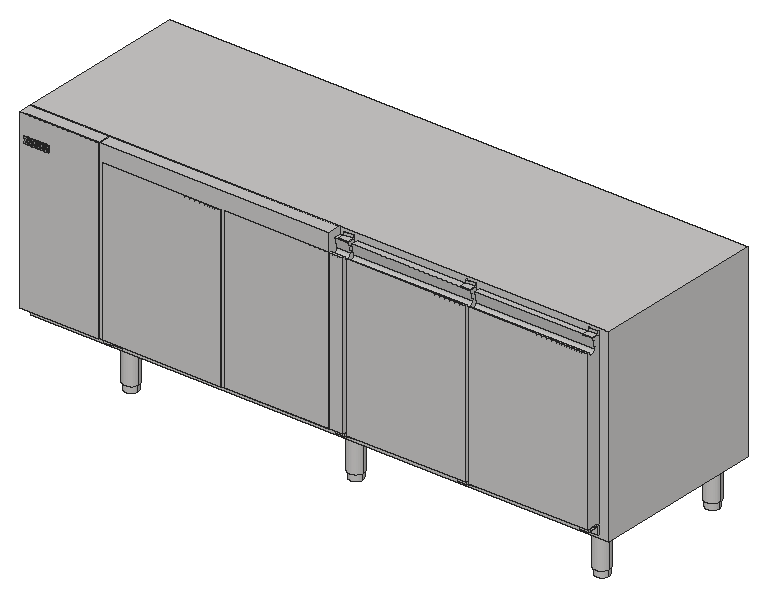
Revit family "QF_ZANUSSI_111114_ZK4H7AAAA", category Attrezzature speciali, Revit 2018
Family settings
  Quota connettore circolare = Usa diametro
  Tipo di parte = Normale
  Basato su piano di lavoro = No
  Sempre verticale = Sì
  Taglio con vuoti quando caricato = No
  Condiviso = No
  Punto di calcolo locali = No
Parameters (values of type "Standard")
  Weight = 130.00 kg
  Watts = 270 W
  Volts = 220 V
  URL Manufacturer = "http://www.zanussiprofessional.com"
  URL = "http://www.zanussiprofessional.com"
  Steam Supply Size = 0 mm
  Steam Supply Minimum Pressure = 0.0 Pa
  Steam Supply Maximum Pressure = 0.0 Pa
  Steam Consumption per Hour = 0
  Refrigeration Suction Line Size = 0 mm
  Refrigeration Liquid Line Size = 0 mm
  Refrigerant Compressor Remote = yes
  Produttore = "Zanussi"
  Phase = 1
  Modello = "ZK4H7AAAA"
  Length Actual = 2149 mm  # constant formula
  Item Number = "111114"
  Hot Water Size = 0 mm
  Height Actual = 850 mm  # constant formula
  HP = "0.4 HP"
  Gas Size = 0 mm
  Gas KW = 0
  Gas Input Pressure = 0 W
  Direct Waste Size = 0 mm
  Descrizione = "4-DOOR REFRIGERATED COUNTER, -2+10°C, AISI 304 (R290), WITHOUT WORK TOP"
  Depth Actual = 700 mm  # constant formula
  Cycle = 50 Hz
  Condensate Return Size = 0 mm
  Compressed Air Volume = 0.0 L/s
  Compressed Air Size = 0 mm
  Compressed Air Pressure = 0.0 Pa
  Cold Water Size = 0 mm
  Accessory = yes
Values of the unnamed type that differ from the named types
  Weight = 0.00 kg
  Watts = 0 W
  Volts = 0 V
  URL Manufacturer = ""
  Item Number = ""
  HP = ""
  Cycle = 0 Hz
Reference planes
  plane 1: z = 0
  plane 2 "Center (Left/Right)": x = -126.5
  plane 3 "Center (Front/Back)": y = 64.5
  plane 4 "FEET": z = 150
  plane 5 "TOP": z = 900
  plane 6 "PLAIN": z = 850
  plane 7 "EI_back": y = 103
  plane 8 "EI_left": x = -1140
  plane 9 "BACK": y = 412
  plane 10 "FRONT": y = -283
  plane 11 "DOOR": y = -233
  plane 12 "LEFT": x = -1201
  plane 13 "RIGHT": x = 948
  plane 14: x = -1176
  plane 15: x = 923
Forms (mm)
  Extrusion 1, solid, material "QF_Finishes_Stainless Steel"
    sketch origin (-1022.223, -1524, 150) x (-1, 0, 0) y (0, -1, 0)
      loop
        circle (117.777, -1627) r 5
    from 0 to -40
  Extrusion 2, solid, material "QF_Finishes_Stainless Steel"
    sketch origin (-1022.223, -1524, 150) x (-1, 0, 0) y (0, -1, 0)
      loop
        line (-970.223, -1291) -> (153.777, -1291) -> (153.777, -1241) -> (-970.223, -1241) -> (-970.223, -1291)
    from 48 to 700
  Extrusion 3, solid, material "QF_Finishes_Stainless Steel"
    sketch origin (-1022.223, -1524, 150) x (-1, 0, 0) y (0, -1, 0)
      loop
        line (178.777, -1936) -> (178.777, -1291) -> (-1970.223, -1291) -> (-1970.223, -1936) -> (178.777, -1936)
    from 0 to 700
Lines and regions (mm)
  symbolic lines, style "SpecialityEquipmentHiddenLines"
    curve 1: line (-1201, 412, 150) -> (948, 412, 150)
    curve 2: line (-1201, -283, 150) -> (-1201, 412, 150)
    curve 3: line (948, -283, 150) -> (-1201, -283, 150)
    curve 4: line (948, 412, 150) -> (948, -283, 150)
    curve 5: line (-1201, -233, 150) -> (948, -233, 150)
    curve 6: line (923, -283, 150) -> (923, -233, 150)
Dimensions and locks
  plane 4 "FEET" to level = 150 mm
  plane 11 "DOOR" to plane 10 "FRONT" = 50 mm
  plane 6 "PLAIN" to plane 4 "FEET" = 700 mm
  plane 5 "TOP" to plane 6 "PLAIN" = 50 mm
  plane 12 "LEFT" to plane 14 = 25 mm
  plane 15 to plane 13 "RIGHT" = 25 mm
  plane 9 "BACK" to plane 7 "EI_back" = 309 mm
  plane 12 "LEFT" to plane 8 "EI_left" = 61 mm
  plane 12 "LEFT" to plane 13 "RIGHT" = 2149 mm
  equal spacing: plane 12 "LEFT", plane 2 "Center (Left/Right)", plane 13 "RIGHT"
  plane 9 "BACK" to plane 10 "FRONT" = 695 mm
  equal spacing: plane 9 "BACK", plane 3 "Center (Front/Back)", plane 10 "FRONT"
  aligned and locked: level to plane 1
  aligned and locked: plane 14 to Extrusion 2
Automatic sketch dimensions
  Extrusion 1 sketch curve to plane 7 "EI_back" = 0 mm
  Extrusion 1 sketch curve to plane 8 "EI_left" = 0 mm
  Extrusion 2 sketch curve to plane 11 "DOOR" = 0 mm
  Extrusion 2 sketch curve to plane 13 "RIGHT" = 2124 mm
  Extrusion 2 sketch curve to plane 10 "FRONT" = 0 mm
  Extrusion 2 sketch curve to plane 15 = 975 mm
  Extrusion 3 sketch curve to plane 9 "BACK" = 0 mm
  Extrusion 3 sketch curve to plane 13 "RIGHT" = 0 mm
  Extrusion 3 sketch curve to plane 11 "DOOR" = 0 mm
  Extrusion 3 sketch curve to plane 12 "LEFT" = 0 mm
  curve 1 to plane 13 "RIGHT" = 0 mm
  curve 6 to plane 10 "FRONT" = 0 mm
  curve 6 to plane 15 = 0 mm
  curve 5 to plane 12 "LEFT" = 0 mm
  curve 6 to plane 11 "DOOR" = 0 mm
  curve 1 to plane 9 "BACK" = 0 mm
  radius of Extrusion 1 sketch curve = 5 mm
Nested families
  nested 1: "HPC_Refrigerator" at (948, -283, 0), type "HPC_Refrigerator"
  nested 2: "HPC_FEET" at (-867, 331, 0), type "HPC_FEET"
  nested 3: "HPC_FEET" at (882, 331, 0), type "HPC_FEET"
  nested 4: "HPC_FEET" at (-867, -183, 0), type "HPC_FEET"
  nested 5: "HPC_FEET" at (882, -183, 0), type "HPC_FEET"
  nested 6: "HPC_FEET" at (-32, -183, 0), type "HPC_FEET"
  nested 7: "HPC_ZAN_BI_TN_L" at (-994.08, -233, 598) x (1, 0, 0) z (0, -1, 0), type "HPC_ZAN_BI_TN_L"
    with Show Logo yes
  nested 8: "HPC_ZAN_SD_L" at (-673, -233, 512) x (1, 0, 0) z (0, -1, 0), type "HPC_ZAN_SD_L"
    with Show Clearance yes
  nested 9: "HPC_ZAN_SD_R" at (-219, -233, 512) x (1, 0, 0) z (0, -1, 0), type "HPC_ZAN_SD_R"
    with Show Clearance yes
  nested 10: "HPC_ZAN_SD_R" at (235, -233, 512) x (1, 0, 0) z (0, -1, 0), type "HPC_ZAN_SD_R"
    with Show Clearance yes
  nested 11: "HPC_ZAN_SD_R" at (689, -233, 512) x (1, 0, 0) z (0, -1, 0), type "HPC_ZAN_SD_R"
    with Show Clearance yes
Connectors
  electrical at (-1140, 103, 110), driven by "Volts"
    settings: on Extrusion 1, index 1, voltage 220 V, apparent load 0 VA, apparent load phase1 0 VA, apparent load phase2 0 VA, apparent load phase3 0 VA, power factor 1, load classification "Other", number of poles 1, system type 31, power factor state 1, is connector primary yes, connector utility no, sub classification motor no, connector description "Electrical Connection"
Definition of nested family "HPC_FEET"
  Parameters
    FEET = 150 mm
  Reference planes
    plane 1 "Center (Front/Back)": y = 0
    plane 2: z = 0
    plane 3 "Center (Left/Right)": x = 0
    plane 4: z = 150
  Forms (mm)
    Revolve 1, solid
      sketch origin (255.05, 0, 608.09) x (0, 0, 1) y (-1, 0, 0)
        loop
          line (-608.09, 255.05) -> (-608.09, 230.05) -> (-583.09, 230.05) -> (-583.09, 226.05) -> (-458.09, 226.05) -> (-458.09, 255.05) -> (-608.09, 255.05)
        axis (-608.09, 255.05) -> (-458.09, 255.05)
      angle from 0 to 360
  Dimensions and locks
    locked: Revolve 1 sketch curve to Revolve 1 sketch curve at 125
    "FEET": plane 4 to plane 2
    aligned and locked: level to plane 2
    aligned and locked: plane 4 to Revolve 1 sketch curve
    aligned and locked: Revolve 1 sketch curve to level
    aligned and locked: plane 3 "Center (Left/Right)" to Revolve 1 sketch curve
  Automatic sketch dimensions
    Revolve 1 sketch curve to plane 3 "Center (Left/Right)" = 0 mm
    Revolve 1 sketch curve to Revolve 1 sketch curve = 25 mm
    Revolve 1 sketch curve to Revolve 1 sketch curve = 29 mm
    plane 4 to Revolve 1 sketch curve = 50 mm
    Revolve 1 sketch curve to Revolve 1 sketch curve = 20 mm
Definition of nested family "HPC_ZAN_BI_TN_L"
  Parameters
    Show Logo [instance] = yes
    Default Elevation = 1219.2 mm
  Reference planes
    plane 1 "Center (Front/Back)": y = -74
    plane 2: z = 0
    plane 3 "Center (Left/Right)": x = -59.92
    plane 4: x = -206.92
    plane 5: x = 87.08
    plane 6: y = 252
    plane 7: y = -400
  Forms (mm)
    Extrusion 1, solid
      sketch origin (0, 0, 0) x (1, 0, 0) y (0, 1, 0)
        loop
          line (-1219.2, 1219.2) -> (-1219.2, -1219.2) -> (1219.2, -1219.2) -> (1219.2, 1219.2) -> (-1219.2, 1219.2)
      from 0 to -304.8
    Extrusion 2, solid
      sketch origin (0, 0, 0) x (1, 0, 0) y (0, 1, 0)
        loop
          line (-206.92, 252) -> (-206.92, -400) -> (87.08, -400) -> (87.08, 252) -> (-206.92, 252)
      from 0 to 50
    Extrusion 3, solid, not visible
      sketch origin (0, 0, 0) x (1, 0, 0) y (0, 1, 0)
        loop
          line (-206.92, 252) -> (-206.92, -400) -> (87.08, -400) -> (87.08, 252) -> (-206.92, 252)
      from 0 to 50
    Extrusion 4, solid
      sketch origin (0, 0, 0) x (1, 0, 0) y (0, 1, 0)
        loop
          line (-176.98, 153.377) -> (-176.98, 158.29) -> (-184.348, 158.29) -> (-176.98, 173.31) -> (-176.98, 177.381) -> (-189.192, 177.381) -> (-189.192, 172.889) -> (-182.735, 173.029) -> (-189.754, 158.29) -> (-189.754, 153.377) -> (-176.98, 153.377)
        loop
          line (-169.929, 162.361) -> (-167.122, 162.361) -> (-168.525, 173.278) -> (-169.929, 162.361)
        loop
          line (-171.192, 153.377) -> (-170.491, 158.009) -> (-166.42, 158.009) -> (-165.718, 153.377) -> (-160.664, 153.377) -> (-165.156, 177.381) -> (-171.894, 177.381) -> (-176.246, 153.377) -> (-171.192, 153.377)
        loop
          line (-160.042, 177.381) -> (-160.042, 153.377) -> (-155.691, 153.377) -> (-155.691, 169.239) -> (-151.62, 153.377) -> (-146.286, 153.377) -> (-146.286, 177.381) -> (-150.778, 177.381) -> (-150.778, 162.08) -> (-154.848, 177.381) -> (-160.042, 177.381)
        loop
          arc (-145.163, 159.313) -> (-139.158, 153.338) -> (-132.389, 158.43) r 6.468
          line (-132.389, 158.43) -> (-132.389, 177.381) -> (-137.302, 177.381) -> (-137.302, 159.553)
          arc (-137.302, 159.553) -> (-138.593, 158.064) -> (-140.25, 159.132) r 1.504
          line (-140.25, 159.132) -> (-140.25, 177.381) -> (-145.163, 177.381) -> (-145.163, 159.313)
        loop
          line (-123.264, 169.8) -> (-118.632, 169.8) -> (-118.556, 171.983)
          arc (-118.556, 171.983) -> (-118.879, 174.415) -> (-120.404, 176.338) r 4.609
          arc (-120.404, 176.338) -> (-124.888, 177.8) -> (-129.372, 176.338) r 7.606
          arc (-129.372, 176.338) -> (-131.2, 172.788) -> (-130.974, 168.801) r 7.59
          arc (-130.974, 168.801) -> (-129.472, 166.597) -> (-127.628, 164.67) r 16.193
          line (-127.628, 164.67) -> (-125.559, 162.836)
          arc (-125.559, 162.836) -> (-124.336, 161.798) -> (-123.386, 160.505) r 6.904
          arc (-123.386, 160.505) -> (-123.621, 158.247) -> (-125.834, 157.743) r 1.95
          arc (-125.834, 157.743) -> (-126.501, 158.417) -> (-126.786, 159.321) r 2.021
          arc (-126.786, 159.321) -> (-126.808, 159.958) -> (-126.786, 160.595) r 9.221
          arc (-126.786, 160.595) -> (-126.765, 161.197) -> (-126.786, 161.799) r 8.711
          line (-126.786, 161.799) -> (-131.687, 161.799)
          arc (-131.687, 161.799) -> (-131.64, 158.363) -> (-130.285, 155.205) r 8.837
          arc (-130.285, 155.205) -> (-123.886, 153.382) -> (-118.495, 157.284) r 7.618
          arc (-118.495, 157.284) -> (-118.397, 161.313) -> (-120.126, 164.954) r 8.7
          line (-120.126, 164.954) -> (-125.51, 169.8)
          arc (-125.51, 169.8) -> (-126.239, 170.716) -> (-126.629, 171.818) r 3.541
          arc (-126.629, 171.818) -> (-125.243, 173.797) -> (-123.264, 172.411) r 1.708
          line (-123.264, 172.411) -> (-123.264, 169.8)
        loop
          line (-109.264, 169.8) -> (-104.632, 169.8) -> (-104.556, 171.983)
          arc (-104.556, 171.983) -> (-104.879, 174.415) -> (-106.404, 176.338) r 4.609
          arc (-106.404, 176.338) -> (-110.888, 177.8) -> (-115.372, 176.338) r 7.606
          arc (-115.372, 176.338) -> (-117.2, 172.788) -> (-116.974, 168.801) r 7.59
          arc (-116.974, 168.801) -> (-115.472, 166.597) -> (-113.628, 164.67) r 16.193
          line (-113.628, 164.67) -> (-111.559, 162.836)
          arc (-111.559, 162.836) -> (-110.336, 161.798) -> (-109.386, 160.505) r 6.904
          arc (-109.386, 160.505) -> (-109.621, 158.247) -> (-111.834, 157.743) r 1.95
          arc (-111.834, 157.743) -> (-112.501, 158.417) -> (-112.786, 159.321) r 2.021
          arc (-112.786, 159.321) -> (-112.808, 159.958) -> (-112.786, 160.595) r 9.221
          arc (-112.786, 160.595) -> (-112.765, 161.197) -> (-112.786, 161.799) r 8.711
          line (-112.786, 161.799) -> (-117.687, 161.799)
          arc (-117.687, 161.799) -> (-117.64, 158.363) -> (-116.285, 155.205) r 8.837
          arc (-116.285, 155.205) -> (-109.886, 153.382) -> (-104.495, 157.284) r 7.618
          arc (-104.495, 157.284) -> (-104.397, 161.313) -> (-106.126, 164.954) r 8.7
          line (-106.126, 164.954) -> (-111.51, 169.8)
          arc (-111.51, 169.8) -> (-112.239, 170.716) -> (-112.629, 171.818) r 3.541
          arc (-112.629, 171.818) -> (-111.243, 173.797) -> (-109.264, 172.411) r 1.708
          line (-109.264, 172.411) -> (-109.264, 169.8)
        loop
          line (-103.612, 177.381) -> (-103.612, 153.377) -> (-98.699, 153.377) -> (-98.699, 177.381) -> (-103.612, 177.381)
      from 50 to 51.6
  Lines and regions (mm)
    Split face 1
      outline origin (-12.5, 0, 50) x (1, 0, 0) y (0, 1, 0)
        loop
          line (-5.42, 177) -> (-5.42, 154) -> (64.58, 154) -> (64.58, 177) -> (-5.42, 177)
    Split face 2
      outline origin (0, 0, 50) x (1, 0, 0) y (0, 1, 0)
        loop
          line (-206.92, 188) -> (87.08, 188)
    Split face 3
      outline origin (0, 0, 50) x (1, 0, 0) y (0, 1, 0)
        loop
          arc (-163.464, 131.824) -> (-167.464, 127.824) -> (-163.464, 123.824) r 4
          line (-163.464, 123.824) -> (-121.464, 123.824)
          arc (-121.464, 123.824) -> (-117.464, 127.824) -> (-121.464, 131.824) r 4
          line (-121.464, 131.824) -> (-163.464, 131.824)
    Split face 4
      outline origin (330, 0, 50) x (1, 0, 0) y (0, 1, 0)
        loop
          arc (-328.464, 131.824) -> (-332.464, 127.824) -> (-328.464, 123.824) r 4
          line (-328.464, 123.824) -> (-286.464, 123.824)
          arc (-286.464, 123.824) -> (-282.464, 127.824) -> (-286.464, 131.824) r 4
          line (-286.464, 131.824) -> (-328.464, 131.824)
    Split face 5
      outline origin (110, 0, 50) x (1, 0, 0) y (0, 1, 0)
        loop
          arc (-218.464, 131.824) -> (-222.464, 127.824) -> (-218.464, 123.824) r 4
          line (-218.464, 123.824) -> (-176.464, 123.824)
          arc (-176.464, 123.824) -> (-172.464, 127.824) -> (-176.464, 131.824) r 4
          line (-176.464, 131.824) -> (-218.464, 131.824)
    Split face 6
      outline origin (220, 0, 50) x (1, 0, 0) y (0, 1, 0)
        loop
          arc (-273.464, 131.824) -> (-277.464, 127.824) -> (-273.464, 123.824) r 4
          line (-273.464, 123.824) -> (-231.464, 123.824)
          arc (-231.464, 123.824) -> (-227.464, 127.824) -> (-231.464, 131.824) r 4
          line (-231.464, 131.824) -> (-273.464, 131.824)
    Split face 7, not visible
      outline origin (0, 0, 50) x (1, 0, 0) y (0, 1, 0)
        loop
          arc (-163.464, 131.824) -> (-167.464, 127.824) -> (-163.464, 123.824) r 4
          line (-163.464, 123.824) -> (-121.464, 123.824)
          arc (-121.464, 123.824) -> (-117.464, 127.824) -> (-121.464, 131.824) r 4
          line (-121.464, 131.824) -> (-163.464, 131.824)
    Split face 8
      outline origin (0, -24, 50) x (1, 0, 0) y (0, 1, 0)
        loop
          arc (-163.464, 143.824) -> (-167.464, 139.824) -> (-163.464, 135.824) r 4
          line (-163.464, 135.824) -> (-121.464, 135.824)
          arc (-121.464, 135.824) -> (-117.464, 139.824) -> (-121.464, 143.824) r 4
          line (-121.464, 143.824) -> (-163.464, 143.824)
    Split face 9
      outline origin (330, -24, 50) x (1, 0, 0) y (0, 1, 0)
        loop
          arc (-328.464, 143.824) -> (-332.464, 139.824) -> (-328.464, 135.824) r 4
          line (-328.464, 135.824) -> (-286.464, 135.824)
          arc (-286.464, 135.824) -> (-282.464, 139.824) -> (-286.464, 143.824) r 4
          line (-286.464, 143.824) -> (-328.464, 143.824)
    Split face 10
      outline origin (110, -24, 50) x (1, 0, 0) y (0, 1, 0)
        loop
          arc (-218.464, 143.824) -> (-222.464, 139.824) -> (-218.464, 135.824) r 4
          line (-218.464, 135.824) -> (-176.464, 135.824)
          arc (-176.464, 135.824) -> (-172.464, 139.824) -> (-176.464, 143.824) r 4
          line (-176.464, 143.824) -> (-218.464, 143.824)
    Split face 11
      outline origin (220, -24, 50) x (1, 0, 0) y (0, 1, 0)
        loop
          arc (-273.464, 143.824) -> (-277.464, 139.824) -> (-273.464, 135.824) r 4
          line (-273.464, 135.824) -> (-231.464, 135.824)
          arc (-231.464, 135.824) -> (-227.464, 139.824) -> (-231.464, 143.824) r 4
          line (-231.464, 143.824) -> (-273.464, 143.824)
    Split face 12
      outline origin (0, -48, 50) x (1, 0, 0) y (0, 1, 0)
        loop
          arc (-163.464, 155.824) -> (-167.464, 151.824) -> (-163.464, 147.824) r 4
          line (-163.464, 147.824) -> (-121.464, 147.824)
          arc (-121.464, 147.824) -> (-117.464, 151.824) -> (-121.464, 155.824) r 4
          line (-121.464, 155.824) -> (-163.464, 155.824)
    Split face 13
      outline origin (330, -48, 50) x (1, 0, 0) y (0, 1, 0)
        loop
          arc (-328.464, 155.824) -> (-332.464, 151.824) -> (-328.464, 147.824) r 4
          line (-328.464, 147.824) -> (-286.464, 147.824)
          arc (-286.464, 147.824) -> (-282.464, 151.824) -> (-286.464, 155.824) r 4
          line (-286.464, 155.824) -> (-328.464, 155.824)
    Split face 14
      outline origin (110, -48, 50) x (1, 0, 0) y (0, 1, 0)
        loop
          arc (-218.464, 155.824) -> (-222.464, 151.824) -> (-218.464, 147.824) r 4
          line (-218.464, 147.824) -> (-176.464, 147.824)
          arc (-176.464, 147.824) -> (-172.464, 151.824) -> (-176.464, 155.824) r 4
          line (-176.464, 155.824) -> (-218.464, 155.824)
    Split face 15
      outline origin (220, -48, 50) x (1, 0, 0) y (0, 1, 0)
        loop
          arc (-273.464, 155.824) -> (-277.464, 151.824) -> (-273.464, 147.824) r 4
          line (-273.464, 147.824) -> (-231.464, 147.824)
          arc (-231.464, 147.824) -> (-227.464, 151.824) -> (-231.464, 155.824) r 4
          line (-231.464, 155.824) -> (-273.464, 155.824)
    Split face 16
      outline origin (0, -72, 50) x (1, 0, 0) y (0, 1, 0)
        loop
          arc (-163.464, 167.824) -> (-167.464, 163.824) -> (-163.464, 159.824) r 4
          line (-163.464, 159.824) -> (-121.464, 159.824)
          arc (-121.464, 159.824) -> (-117.464, 163.824) -> (-121.464, 167.824) r 4
          line (-121.464, 167.824) -> (-163.464, 167.824)
    Split face 17
      outline origin (330, -72, 50) x (1, 0, 0) y (0, 1, 0)
        loop
          arc (-328.464, 167.824) -> (-332.464, 163.824) -> (-328.464, 159.824) r 4
          line (-328.464, 159.824) -> (-286.464, 159.824)
          arc (-286.464, 159.824) -> (-282.464, 163.824) -> (-286.464, 167.824) r 4
          line (-286.464, 167.824) -> (-328.464, 167.824)
    Split face 18
      outline origin (110, -72, 50) x (1, 0, 0) y (0, 1, 0)
        loop
          arc (-218.464, 167.824) -> (-222.464, 163.824) -> (-218.464, 159.824) r 4
          line (-218.464, 159.824) -> (-176.464, 159.824)
          arc (-176.464, 159.824) -> (-172.464, 163.824) -> (-176.464, 167.824) r 4
          line (-176.464, 167.824) -> (-218.464, 167.824)
    Split face 19
      outline origin (220, -72, 50) x (1, 0, 0) y (0, 1, 0)
        loop
          arc (-273.464, 167.824) -> (-277.464, 163.824) -> (-273.464, 159.824) r 4
          line (-273.464, 159.824) -> (-231.464, 159.824)
          arc (-231.464, 159.824) -> (-227.464, 163.824) -> (-231.464, 167.824) r 4
          line (-231.464, 167.824) -> (-273.464, 167.824)
    Split face 20
      outline origin (0, -96, 50) x (1, 0, 0) y (0, 1, 0)
        loop
          arc (-163.464, 179.824) -> (-167.464, 175.824) -> (-163.464, 171.824) r 4
          line (-163.464, 171.824) -> (-121.464, 171.824)
          arc (-121.464, 171.824) -> (-117.464, 175.824) -> (-121.464, 179.824) r 4
          line (-121.464, 179.824) -> (-163.464, 179.824)
    Split face 21
      outline origin (330, -96, 50) x (1, 0, 0) y (0, 1, 0)
        loop
          arc (-328.464, 179.824) -> (-332.464, 175.824) -> (-328.464, 171.824) r 4
          line (-328.464, 171.824) -> (-286.464, 171.824)
          arc (-286.464, 171.824) -> (-282.464, 175.824) -> (-286.464, 179.824) r 4
          line (-286.464, 179.824) -> (-328.464, 179.824)
    Split face 22
      outline origin (110, -96, 50) x (1, 0, 0) y (0, 1, 0)
        loop
          arc (-218.464, 179.824) -> (-222.464, 175.824) -> (-218.464, 171.824) r 4
          line (-218.464, 171.824) -> (-176.464, 171.824)
          arc (-176.464, 171.824) -> (-172.464, 175.824) -> (-176.464, 179.824) r 4
          line (-176.464, 179.824) -> (-218.464, 179.824)
    Split face 23
      outline origin (220, -96, 50) x (1, 0, 0) y (0, 1, 0)
        loop
          arc (-273.464, 179.824) -> (-277.464, 175.824) -> (-273.464, 171.824) r 4
          line (-273.464, 171.824) -> (-231.464, 171.824)
          arc (-231.464, 171.824) -> (-227.464, 175.824) -> (-231.464, 179.824) r 4
          line (-231.464, 179.824) -> (-273.464, 179.824)
    Split face 24
      outline origin (0, -120, 50) x (1, 0, 0) y (0, 1, 0)
        loop
          arc (-163.464, 191.824) -> (-167.464, 187.824) -> (-163.464, 183.824) r 4
          line (-163.464, 183.824) -> (-121.464, 183.824)
          arc (-121.464, 183.824) -> (-117.464, 187.824) -> (-121.464, 191.824) r 4
          line (-121.464, 191.824) -> (-163.464, 191.824)
    Split face 25
      outline origin (330, -120, 50) x (1, 0, 0) y (0, 1, 0)
        loop
          arc (-328.464, 191.824) -> (-332.464, 187.824) -> (-328.464, 183.824) r 4
          line (-328.464, 183.824) -> (-286.464, 183.824)
          arc (-286.464, 183.824) -> (-282.464, 187.824) -> (-286.464, 191.824) r 4
          line (-286.464, 191.824) -> (-328.464, 191.824)
    Split face 26
      outline origin (110, -120, 50) x (1, 0, 0) y (0, 1, 0)
        loop
          arc (-218.464, 191.824) -> (-222.464, 187.824) -> (-218.464, 183.824) r 4
          line (-218.464, 183.824) -> (-176.464, 183.824)
          arc (-176.464, 183.824) -> (-172.464, 187.824) -> (-176.464, 191.824) r 4
          line (-176.464, 191.824) -> (-218.464, 191.824)
    Split face 27
      outline origin (220, -120, 50) x (1, 0, 0) y (0, 1, 0)
        loop
          arc (-273.464, 191.824) -> (-277.464, 187.824) -> (-273.464, 183.824) r 4
          line (-273.464, 183.824) -> (-231.464, 183.824)
          arc (-231.464, 183.824) -> (-227.464, 187.824) -> (-231.464, 191.824) r 4
          line (-231.464, 191.824) -> (-273.464, 191.824)
    Split face 28
      outline origin (0, -144, 50) x (1, 0, 0) y (0, 1, 0)
        loop
          arc (-163.464, 203.824) -> (-167.464, 199.824) -> (-163.464, 195.824) r 4
          line (-163.464, 195.824) -> (-121.464, 195.824)
          arc (-121.464, 195.824) -> (-117.464, 199.824) -> (-121.464, 203.824) r 4
          line (-121.464, 203.824) -> (-163.464, 203.824)
    Split face 29
      outline origin (330, -144, 50) x (1, 0, 0) y (0, 1, 0)
        loop
          arc (-328.464, 203.824) -> (-332.464, 199.824) -> (-328.464, 195.824) r 4
          line (-328.464, 195.824) -> (-286.464, 195.824)
          arc (-286.464, 195.824) -> (-282.464, 199.824) -> (-286.464, 203.824) r 4
          line (-286.464, 203.824) -> (-328.464, 203.824)
    Split face 30
      outline origin (110, -144, 50) x (1, 0, 0) y (0, 1, 0)
        loop
          arc (-218.464, 203.824) -> (-222.464, 199.824) -> (-218.464, 195.824) r 4
          line (-218.464, 195.824) -> (-176.464, 195.824)
          arc (-176.464, 195.824) -> (-172.464, 199.824) -> (-176.464, 203.824) r 4
          line (-176.464, 203.824) -> (-218.464, 203.824)
    Split face 31
      outline origin (220, -144, 50) x (1, 0, 0) y (0, 1, 0)
        loop
          arc (-273.464, 203.824) -> (-277.464, 199.824) -> (-273.464, 195.824) r 4
          line (-273.464, 195.824) -> (-231.464, 195.824)
          arc (-231.464, 195.824) -> (-227.464, 199.824) -> (-231.464, 203.824) r 4
          line (-231.464, 203.824) -> (-273.464, 203.824)
    Split face 32
      outline origin (0, -168, 50) x (1, 0, 0) y (0, 1, 0)
        loop
          arc (-163.464, 215.824) -> (-167.464, 211.824) -> (-163.464, 207.824) r 4
          line (-163.464, 207.824) -> (-121.464, 207.824)
          arc (-121.464, 207.824) -> (-117.464, 211.824) -> (-121.464, 215.824) r 4
          line (-121.464, 215.824) -> (-163.464, 215.824)
    Split face 33
      outline origin (330, -168, 50) x (1, 0, 0) y (0, 1, 0)
        loop
          arc (-328.464, 215.824) -> (-332.464, 211.824) -> (-328.464, 207.824) r 4
          line (-328.464, 207.824) -> (-286.464, 207.824)
          arc (-286.464, 207.824) -> (-282.464, 211.824) -> (-286.464, 215.824) r 4
          line (-286.464, 215.824) -> (-328.464, 215.824)
    Split face 34
      outline origin (110, -168, 50) x (1, 0, 0) y (0, 1, 0)
        loop
          arc (-218.464, 215.824) -> (-222.464, 211.824) -> (-218.464, 207.824) r 4
          line (-218.464, 207.824) -> (-176.464, 207.824)
          arc (-176.464, 207.824) -> (-172.464, 211.824) -> (-176.464, 215.824) r 4
          line (-176.464, 215.824) -> (-218.464, 215.824)
    Split face 35
      outline origin (220, -168, 50) x (1, 0, 0) y (0, 1, 0)
        loop
          arc (-273.464, 215.824) -> (-277.464, 211.824) -> (-273.464, 207.824) r 4
          line (-273.464, 207.824) -> (-231.464, 207.824)
          arc (-231.464, 207.824) -> (-227.464, 211.824) -> (-231.464, 215.824) r 4
          line (-231.464, 215.824) -> (-273.464, 215.824)
    Split face 36
      outline origin (0, -192, 50) x (1, 0, 0) y (0, 1, 0)
        loop
          arc (-163.464, 227.824) -> (-167.464, 223.824) -> (-163.464, 219.824) r 4
          line (-163.464, 219.824) -> (-121.464, 219.824)
          arc (-121.464, 219.824) -> (-117.464, 223.824) -> (-121.464, 227.824) r 4
          line (-121.464, 227.824) -> (-163.464, 227.824)
    Split face 37
      outline origin (330, -192, 50) x (1, 0, 0) y (0, 1, 0)
        loop
          arc (-328.464, 227.824) -> (-332.464, 223.824) -> (-328.464, 219.824) r 4
          line (-328.464, 219.824) -> (-286.464, 219.824)
          arc (-286.464, 219.824) -> (-282.464, 223.824) -> (-286.464, 227.824) r 4
          line (-286.464, 227.824) -> (-328.464, 227.824)
    Split face 38
      outline origin (110, -192, 50) x (1, 0, 0) y (0, 1, 0)
        loop
          arc (-218.464, 227.824) -> (-222.464, 223.824) -> (-218.464, 219.824) r 4
          line (-218.464, 219.824) -> (-176.464, 219.824)
          arc (-176.464, 219.824) -> (-172.464, 223.824) -> (-176.464, 227.824) r 4
          line (-176.464, 227.824) -> (-218.464, 227.824)
    Split face 39
      outline origin (220, -192, 50) x (1, 0, 0) y (0, 1, 0)
        loop
          arc (-273.464, 227.824) -> (-277.464, 223.824) -> (-273.464, 219.824) r 4
          line (-273.464, 219.824) -> (-231.464, 219.824)
          arc (-231.464, 219.824) -> (-227.464, 223.824) -> (-231.464, 227.824) r 4
          line (-231.464, 227.824) -> (-273.464, 227.824)
    Split face 40
      outline origin (0, -216, 50) x (1, 0, 0) y (0, 1, 0)
        loop
          arc (-163.464, 239.824) -> (-167.464, 235.824) -> (-163.464, 231.824) r 4
          line (-163.464, 231.824) -> (-121.464, 231.824)
          arc (-121.464, 231.824) -> (-117.464, 235.824) -> (-121.464, 239.824) r 4
          line (-121.464, 239.824) -> (-163.464, 239.824)
    Split face 41
      outline origin (330, -216, 50) x (1, 0, 0) y (0, 1, 0)
        loop
          arc (-328.464, 239.824) -> (-332.464, 235.824) -> (-328.464, 231.824) r 4
          line (-328.464, 231.824) -> (-286.464, 231.824)
          arc (-286.464, 231.824) -> (-282.464, 235.824) -> (-286.464, 239.824) r 4
          line (-286.464, 239.824) -> (-328.464, 239.824)
    Split face 42
      outline origin (110, -216, 50) x (1, 0, 0) y (0, 1, 0)
        loop
          arc (-218.464, 239.824) -> (-222.464, 235.824) -> (-218.464, 231.824) r 4
          line (-218.464, 231.824) -> (-176.464, 231.824)
          arc (-176.464, 231.824) -> (-172.464, 235.824) -> (-176.464, 239.824) r 4
          line (-176.464, 239.824) -> (-218.464, 239.824)
    Split face 43
      outline origin (220, -216, 50) x (1, 0, 0) y (0, 1, 0)
        loop
          arc (-273.464, 239.824) -> (-277.464, 235.824) -> (-273.464, 231.824) r 4
          line (-273.464, 231.824) -> (-231.464, 231.824)
          arc (-231.464, 231.824) -> (-227.464, 235.824) -> (-231.464, 239.824) r 4
          line (-231.464, 239.824) -> (-273.464, 239.824)
    Split face 44
      outline origin (0, -240, 50) x (1, 0, 0) y (0, 1, 0)
        loop
          arc (-163.464, 251.824) -> (-167.464, 247.824) -> (-163.464, 243.824) r 4
          line (-163.464, 243.824) -> (-121.464, 243.824)
          arc (-121.464, 243.824) -> (-117.464, 247.824) -> (-121.464, 251.824) r 4
          line (-121.464, 251.824) -> (-163.464, 251.824)
    Split face 45
      outline origin (330, -240, 50) x (1, 0, 0) y (0, 1, 0)
        loop
          arc (-328.464, 251.824) -> (-332.464, 247.824) -> (-328.464, 243.824) r 4
          line (-328.464, 243.824) -> (-286.464, 243.824)
          arc (-286.464, 243.824) -> (-282.464, 247.824) -> (-286.464, 251.824) r 4
          line (-286.464, 251.824) -> (-328.464, 251.824)
    Split face 46
      outline origin (110, -240, 50) x (1, 0, 0) y (0, 1, 0)
        loop
          arc (-218.464, 251.824) -> (-222.464, 247.824) -> (-218.464, 243.824) r 4
          line (-218.464, 243.824) -> (-176.464, 243.824)
          arc (-176.464, 243.824) -> (-172.464, 247.824) -> (-176.464, 251.824) r 4
          line (-176.464, 251.824) -> (-218.464, 251.824)
    Split face 47
      outline origin (220, -240, 50) x (1, 0, 0) y (0, 1, 0)
        loop
          arc (-273.464, 251.824) -> (-277.464, 247.824) -> (-273.464, 243.824) r 4
          line (-273.464, 243.824) -> (-231.464, 243.824)
          arc (-231.464, 243.824) -> (-227.464, 247.824) -> (-231.464, 251.824) r 4
          line (-231.464, 251.824) -> (-273.464, 251.824)
    Split face 48
      outline origin (0, -264, 50) x (1, 0, 0) y (0, 1, 0)
        loop
          arc (-163.464, 263.824) -> (-167.464, 259.824) -> (-163.464, 255.824) r 4
          line (-163.464, 255.824) -> (-121.464, 255.824)
          arc (-121.464, 255.824) -> (-117.464, 259.824) -> (-121.464, 263.824) r 4
          line (-121.464, 263.824) -> (-163.464, 263.824)
    Split face 49
      outline origin (330, -264, 50) x (1, 0, 0) y (0, 1, 0)
        loop
          arc (-328.464, 263.824) -> (-332.464, 259.824) -> (-328.464, 255.824) r 4
          line (-328.464, 255.824) -> (-286.464, 255.824)
          arc (-286.464, 255.824) -> (-282.464, 259.824) -> (-286.464, 263.824) r 4
          line (-286.464, 263.824) -> (-328.464, 263.824)
    Split face 50
      outline origin (110, -264, 50) x (1, 0, 0) y (0, 1, 0)
        loop
          arc (-218.464, 263.824) -> (-222.464, 259.824) -> (-218.464, 255.824) r 4
          line (-218.464, 255.824) -> (-176.464, 255.824)
          arc (-176.464, 255.824) -> (-172.464, 259.824) -> (-176.464, 263.824) r 4
          line (-176.464, 263.824) -> (-218.464, 263.824)
    Split face 51
      outline origin (220, -264, 50) x (1, 0, 0) y (0, 1, 0)
        loop
          arc (-273.464, 263.824) -> (-277.464, 259.824) -> (-273.464, 255.824) r 4
          line (-273.464, 255.824) -> (-231.464, 255.824)
          arc (-231.464, 255.824) -> (-227.464, 259.824) -> (-231.464, 263.824) r 4
          line (-231.464, 263.824) -> (-273.464, 263.824)
    Split face 52
      outline origin (0, -288, 50) x (1, 0, 0) y (0, 1, 0)
        loop
          arc (-163.464, 275.824) -> (-167.464, 271.824) -> (-163.464, 267.824) r 4
          line (-163.464, 267.824) -> (-121.464, 267.824)
          arc (-121.464, 267.824) -> (-117.464, 271.824) -> (-121.464, 275.824) r 4
          line (-121.464, 275.824) -> (-163.464, 275.824)
    Split face 53
      outline origin (330, -288, 50) x (1, 0, 0) y (0, 1, 0)
        loop
          arc (-328.464, 275.824) -> (-332.464, 271.824) -> (-328.464, 267.824) r 4
          line (-328.464, 267.824) -> (-286.464, 267.824)
          arc (-286.464, 267.824) -> (-282.464, 271.824) -> (-286.464, 275.824) r 4
          line (-286.464, 275.824) -> (-328.464, 275.824)
    Split face 54
      outline origin (110, -288, 50) x (1, 0, 0) y (0, 1, 0)
        loop
          arc (-218.464, 275.824) -> (-222.464, 271.824) -> (-218.464, 267.824) r 4
          line (-218.464, 267.824) -> (-176.464, 267.824)
          arc (-176.464, 267.824) -> (-172.464, 271.824) -> (-176.464, 275.824) r 4
          line (-176.464, 275.824) -> (-218.464, 275.824)
    Split face 55
      outline origin (220, -288, 50) x (1, 0, 0) y (0, 1, 0)
        loop
          arc (-273.464, 275.824) -> (-277.464, 271.824) -> (-273.464, 267.824) r 4
          line (-273.464, 267.824) -> (-231.464, 267.824)
          arc (-231.464, 267.824) -> (-227.464, 271.824) -> (-231.464, 275.824) r 4
          line (-231.464, 275.824) -> (-273.464, 275.824)
    Split face 56
      outline origin (0, -312, 50) x (1, 0, 0) y (0, 1, 0)
        loop
          arc (-163.464, 287.824) -> (-167.464, 283.824) -> (-163.464, 279.824) r 4
          line (-163.464, 279.824) -> (-121.464, 279.824)
          arc (-121.464, 279.824) -> (-117.464, 283.824) -> (-121.464, 287.824) r 4
          line (-121.464, 287.824) -> (-163.464, 287.824)
    Split face 57
      outline origin (330, -312, 50) x (1, 0, 0) y (0, 1, 0)
        loop
          arc (-328.464, 287.824) -> (-332.464, 283.824) -> (-328.464, 279.824) r 4
          line (-328.464, 279.824) -> (-286.464, 279.824)
          arc (-286.464, 279.824) -> (-282.464, 283.824) -> (-286.464, 287.824) r 4
          line (-286.464, 287.824) -> (-328.464, 287.824)
    Split face 58
      outline origin (110, -312, 50) x (1, 0, 0) y (0, 1, 0)
        loop
          arc (-218.464, 287.824) -> (-222.464, 283.824) -> (-218.464, 279.824) r 4
          line (-218.464, 279.824) -> (-176.464, 279.824)
          arc (-176.464, 279.824) -> (-172.464, 283.824) -> (-176.464, 287.824) r 4
          line (-176.464, 287.824) -> (-218.464, 287.824)
    Split face 59
      outline origin (220, -312, 50) x (1, 0, 0) y (0, 1, 0)
        loop
          arc (-273.464, 287.824) -> (-277.464, 283.824) -> (-273.464, 279.824) r 4
          line (-273.464, 279.824) -> (-231.464, 279.824)
          arc (-231.464, 279.824) -> (-227.464, 283.824) -> (-231.464, 287.824) r 4
          line (-231.464, 287.824) -> (-273.464, 287.824)
    Split face 60
      outline origin (0, -336, 50) x (1, 0, 0) y (0, 1, 0)
        loop
          arc (-163.464, 299.824) -> (-167.464, 295.824) -> (-163.464, 291.824) r 4
          line (-163.464, 291.824) -> (-121.464, 291.824)
          arc (-121.464, 291.824) -> (-117.464, 295.824) -> (-121.464, 299.824) r 4
          line (-121.464, 299.824) -> (-163.464, 299.824)
    Split face 61
      outline origin (330, -336, 50) x (1, 0, 0) y (0, 1, 0)
        loop
          arc (-328.464, 299.824) -> (-332.464, 295.824) -> (-328.464, 291.824) r 4
          line (-328.464, 291.824) -> (-286.464, 291.824)
          arc (-286.464, 291.824) -> (-282.464, 295.824) -> (-286.464, 299.824) r 4
          line (-286.464, 299.824) -> (-328.464, 299.824)
    Split face 62
      outline origin (110, -336, 50) x (1, 0, 0) y (0, 1, 0)
        loop
          arc (-218.464, 299.824) -> (-222.464, 295.824) -> (-218.464, 291.824) r 4
          line (-218.464, 291.824) -> (-176.464, 291.824)
          arc (-176.464, 291.824) -> (-172.464, 295.824) -> (-176.464, 299.824) r 4
          line (-176.464, 299.824) -> (-218.464, 299.824)
    Split face 63
      outline origin (220, -336, 50) x (1, 0, 0) y (0, 1, 0)
        loop
          arc (-273.464, 299.824) -> (-277.464, 295.824) -> (-273.464, 291.824) r 4
          line (-273.464, 291.824) -> (-231.464, 291.824)
          arc (-231.464, 291.824) -> (-227.464, 295.824) -> (-231.464, 299.824) r 4
          line (-231.464, 299.824) -> (-273.464, 299.824)
    Split face 64
      outline origin (0, -360, 50) x (1, 0, 0) y (0, 1, 0)
        loop
          arc (-163.464, 311.824) -> (-167.464, 307.824) -> (-163.464, 303.824) r 4
          line (-163.464, 303.824) -> (-121.464, 303.824)
          arc (-121.464, 303.824) -> (-117.464, 307.824) -> (-121.464, 311.824) r 4
          line (-121.464, 311.824) -> (-163.464, 311.824)
    Split face 65
      outline origin (330, -360, 50) x (1, 0, 0) y (0, 1, 0)
        loop
          arc (-328.464, 311.824) -> (-332.464, 307.824) -> (-328.464, 303.824) r 4
          line (-328.464, 303.824) -> (-286.464, 303.824)
          arc (-286.464, 303.824) -> (-282.464, 307.824) -> (-286.464, 311.824) r 4
          line (-286.464, 311.824) -> (-328.464, 311.824)
    Split face 66
      outline origin (110, -360, 50) x (1, 0, 0) y (0, 1, 0)
        loop
          arc (-218.464, 311.824) -> (-222.464, 307.824) -> (-218.464, 303.824) r 4
          line (-218.464, 303.824) -> (-176.464, 303.824)
          arc (-176.464, 303.824) -> (-172.464, 307.824) -> (-176.464, 311.824) r 4
          line (-176.464, 311.824) -> (-218.464, 311.824)
    Split face 67
      outline origin (220, -360, 50) x (1, 0, 0) y (0, 1, 0)
        loop
          arc (-273.464, 311.824) -> (-277.464, 307.824) -> (-273.464, 303.824) r 4
          line (-273.464, 303.824) -> (-231.464, 303.824)
          arc (-231.464, 303.824) -> (-227.464, 307.824) -> (-231.464, 311.824) r 4
          line (-231.464, 311.824) -> (-273.464, 311.824)
    Split face 68
      outline origin (0, 0, 50) x (1, 0, 0) y (0, 1, 0)
        loop
          line (-206.92, 143) -> (87.08, 143)
    Split face 69
      outline origin (0, -663.3, 50) x (1, 0, 0) y (0, 1, 0)
        loop
          arc (-163.464, 463.474) -> (-167.464, 459.474) -> (-163.464, 455.474) r 4
          line (-163.464, 455.474) -> (-121.464, 455.474)
          arc (-121.464, 455.474) -> (-117.464, 459.474) -> (-121.464, 463.474) r 4
          line (-121.464, 463.474) -> (-163.464, 463.474)
    Split face 70
      outline origin (330, -663.3, 50) x (1, 0, 0) y (0, 1, 0)
        loop
          arc (-328.464, 463.474) -> (-332.464, 459.474) -> (-328.464, 455.474) r 4
          line (-328.464, 455.474) -> (-286.464, 455.474)
          arc (-286.464, 455.474) -> (-282.464, 459.474) -> (-286.464, 463.474) r 4
          line (-286.464, 463.474) -> (-328.464, 463.474)
    Split face 71
      outline origin (110, -663.3, 50) x (1, 0, 0) y (0, 1, 0)
        loop
          arc (-218.464, 463.474) -> (-222.464, 459.474) -> (-218.464, 455.474) r 4
          line (-218.464, 455.474) -> (-176.464, 455.474)
          arc (-176.464, 455.474) -> (-172.464, 459.474) -> (-176.464, 463.474) r 4
          line (-176.464, 463.474) -> (-218.464, 463.474)
    Split face 72
      outline origin (220, -663.3, 50) x (1, 0, 0) y (0, 1, 0)
        loop
          arc (-273.464, 463.474) -> (-277.464, 459.474) -> (-273.464, 455.474) r 4
          line (-273.464, 455.474) -> (-231.464, 455.474)
          arc (-231.464, 455.474) -> (-227.464, 459.474) -> (-231.464, 463.474) r 4
          line (-231.464, 463.474) -> (-273.464, 463.474)
    Split face 73
      outline origin (0, -687.3, 50) x (1, 0, 0) y (0, 1, 0)
        loop
          arc (-163.464, 475.474) -> (-167.464, 471.474) -> (-163.464, 467.474) r 4
          line (-163.464, 467.474) -> (-121.464, 467.474)
          arc (-121.464, 467.474) -> (-117.464, 471.474) -> (-121.464, 475.474) r 4
          line (-121.464, 475.474) -> (-163.464, 475.474)
    Split face 74
      outline origin (330, -687.3, 50) x (1, 0, 0) y (0, 1, 0)
        loop
          arc (-328.464, 475.474) -> (-332.464, 471.474) -> (-328.464, 467.474) r 4
          line (-328.464, 467.474) -> (-286.464, 467.474)
          arc (-286.464, 467.474) -> (-282.464, 471.474) -> (-286.464, 475.474) r 4
          line (-286.464, 475.474) -> (-328.464, 475.474)
    Split face 75
      outline origin (110, -687.3, 50) x (1, 0, 0) y (0, 1, 0)
        loop
          arc (-218.464, 475.474) -> (-222.464, 471.474) -> (-218.464, 467.474) r 4
          line (-218.464, 467.474) -> (-176.464, 467.474)
          arc (-176.464, 467.474) -> (-172.464, 471.474) -> (-176.464, 475.474) r 4
          line (-176.464, 475.474) -> (-218.464, 475.474)
    Split face 76
      outline origin (220, -687.3, 50) x (1, 0, 0) y (0, 1, 0)
        loop
          arc (-273.464, 475.474) -> (-277.464, 471.474) -> (-273.464, 467.474) r 4
          line (-273.464, 467.474) -> (-231.464, 467.474)
          arc (-231.464, 467.474) -> (-227.464, 471.474) -> (-231.464, 475.474) r 4
          line (-231.464, 475.474) -> (-273.464, 475.474)
    Split face 77
      outline origin (0, -711.3, 50) x (1, 0, 0) y (0, 1, 0)
        loop
          arc (-163.464, 487.474) -> (-167.464, 483.474) -> (-163.464, 479.474) r 4
          line (-163.464, 479.474) -> (-121.464, 479.474)
          arc (-121.464, 479.474) -> (-117.464, 483.474) -> (-121.464, 487.474) r 4
          line (-121.464, 487.474) -> (-163.464, 487.474)
    Split face 78
      outline origin (330, -711.3, 50) x (1, 0, 0) y (0, 1, 0)
        loop
          arc (-328.464, 487.474) -> (-332.464, 483.474) -> (-328.464, 479.474) r 4
          line (-328.464, 479.474) -> (-286.464, 479.474)
          arc (-286.464, 479.474) -> (-282.464, 483.474) -> (-286.464, 487.474) r 4
          line (-286.464, 487.474) -> (-328.464, 487.474)
    Split face 79
      outline origin (110, -711.3, 50) x (1, 0, 0) y (0, 1, 0)
        loop
          arc (-218.464, 487.474) -> (-222.464, 483.474) -> (-218.464, 479.474) r 4
          line (-218.464, 479.474) -> (-176.464, 479.474)
          arc (-176.464, 479.474) -> (-172.464, 483.474) -> (-176.464, 487.474) r 4
          line (-176.464, 487.474) -> (-218.464, 487.474)
    Split face 80
      outline origin (220, -711.3, 50) x (1, 0, 0) y (0, 1, 0)
        loop
          arc (-273.464, 487.474) -> (-277.464, 483.474) -> (-273.464, 479.474) r 4
          line (-273.464, 479.474) -> (-231.464, 479.474)
          arc (-231.464, 479.474) -> (-227.464, 483.474) -> (-231.464, 487.474) r 4
          line (-231.464, 487.474) -> (-273.464, 487.474)
    Split face 81
      outline origin (0, -735.3, 50) x (1, 0, 0) y (0, 1, 0)
        loop
          arc (-163.464, 499.474) -> (-167.464, 495.474) -> (-163.464, 491.474) r 4
          line (-163.464, 491.474) -> (-121.464, 491.474)
          arc (-121.464, 491.474) -> (-117.464, 495.474) -> (-121.464, 499.474) r 4
          line (-121.464, 499.474) -> (-163.464, 499.474)
    Split face 82
      outline origin (330, -735.3, 50) x (1, 0, 0) y (0, 1, 0)
        loop
          arc (-328.464, 499.474) -> (-332.464, 495.474) -> (-328.464, 491.474) r 4
          line (-328.464, 491.474) -> (-286.464, 491.474)
          arc (-286.464, 491.474) -> (-282.464, 495.474) -> (-286.464, 499.474) r 4
          line (-286.464, 499.474) -> (-328.464, 499.474)
    Split face 83
      outline origin (110, -735.3, 50) x (1, 0, 0) y (0, 1, 0)
        loop
          arc (-218.464, 499.474) -> (-222.464, 495.474) -> (-218.464, 491.474) r 4
          line (-218.464, 491.474) -> (-176.464, 491.474)
          arc (-176.464, 491.474) -> (-172.464, 495.474) -> (-176.464, 499.474) r 4
          line (-176.464, 499.474) -> (-218.464, 499.474)
    Split face 84
      outline origin (220, -735.3, 50) x (1, 0, 0) y (0, 1, 0)
        loop
          arc (-273.464, 499.474) -> (-277.464, 495.474) -> (-273.464, 491.474) r 4
          line (-273.464, 491.474) -> (-231.464, 491.474)
          arc (-231.464, 491.474) -> (-227.464, 495.474) -> (-231.464, 499.474) r 4
          line (-231.464, 499.474) -> (-273.464, 499.474)
    Split face 85
      outline origin (0, -759.3, 50) x (1, 0, 0) y (0, 1, 0)
        loop
          arc (-163.464, 511.474) -> (-167.464, 507.474) -> (-163.464, 503.474) r 4
          line (-163.464, 503.474) -> (-121.464, 503.474)
          arc (-121.464, 503.474) -> (-117.464, 507.474) -> (-121.464, 511.474) r 4
          line (-121.464, 511.474) -> (-163.464, 511.474)
    Split face 86
      outline origin (330, -759.3, 50) x (1, 0, 0) y (0, 1, 0)
        loop
          arc (-328.464, 511.474) -> (-332.464, 507.474) -> (-328.464, 503.474) r 4
          line (-328.464, 503.474) -> (-286.464, 503.474)
          arc (-286.464, 503.474) -> (-282.464, 507.474) -> (-286.464, 511.474) r 4
          line (-286.464, 511.474) -> (-328.464, 511.474)
    Split face 87
      outline origin (110, -759.3, 50) x (1, 0, 0) y (0, 1, 0)
        loop
          arc (-218.464, 511.474) -> (-222.464, 507.474) -> (-218.464, 503.474) r 4
          line (-218.464, 503.474) -> (-176.464, 503.474)
          arc (-176.464, 503.474) -> (-172.464, 507.474) -> (-176.464, 511.474) r 4
          line (-176.464, 511.474) -> (-218.464, 511.474)
    Split face 88
      outline origin (220, -759.3, 50) x (1, 0, 0) y (0, 1, 0)
        loop
          arc (-273.464, 511.474) -> (-277.464, 507.474) -> (-273.464, 503.474) r 4
          line (-273.464, 503.474) -> (-231.464, 503.474)
          arc (-231.464, 503.474) -> (-227.464, 507.474) -> (-231.464, 511.474) r 4
          line (-231.464, 511.474) -> (-273.464, 511.474)
    Split face 89
      outline origin (0, -783.3, 50) x (1, 0, 0) y (0, 1, 0)
        loop
          arc (-163.464, 523.474) -> (-167.464, 519.474) -> (-163.464, 515.474) r 4
          line (-163.464, 515.474) -> (-121.464, 515.474)
          arc (-121.464, 515.474) -> (-117.464, 519.474) -> (-121.464, 523.474) r 4
          line (-121.464, 523.474) -> (-163.464, 523.474)
    Split face 90
      outline origin (330, -783.3, 50) x (1, 0, 0) y (0, 1, 0)
        loop
          arc (-328.464, 523.474) -> (-332.464, 519.474) -> (-328.464, 515.474) r 4
          line (-328.464, 515.474) -> (-286.464, 515.474)
          arc (-286.464, 515.474) -> (-282.464, 519.474) -> (-286.464, 523.474) r 4
          line (-286.464, 523.474) -> (-328.464, 523.474)
    Split face 91
      outline origin (110, -783.3, 50) x (1, 0, 0) y (0, 1, 0)
        loop
          arc (-218.464, 523.474) -> (-222.464, 519.474) -> (-218.464, 515.474) r 4
          line (-218.464, 515.474) -> (-176.464, 515.474)
          arc (-176.464, 515.474) -> (-172.464, 519.474) -> (-176.464, 523.474) r 4
          line (-176.464, 523.474) -> (-218.464, 523.474)
    Split face 92
      outline origin (220, -783.3, 50) x (1, 0, 0) y (0, 1, 0)
        loop
          arc (-273.464, 523.474) -> (-277.464, 519.474) -> (-273.464, 515.474) r 4
          line (-273.464, 515.474) -> (-231.464, 515.474)
          arc (-231.464, 515.474) -> (-227.464, 519.474) -> (-231.464, 523.474) r 4
          line (-231.464, 523.474) -> (-273.464, 523.474)
    Split face 93
      outline origin (0, -807.3, 50) x (1, 0, 0) y (0, 1, 0)
        loop
          arc (-163.464, 535.474) -> (-167.464, 531.474) -> (-163.464, 527.474) r 4
          line (-163.464, 527.474) -> (-121.464, 527.474)
          arc (-121.464, 527.474) -> (-117.464, 531.474) -> (-121.464, 535.474) r 4
          line (-121.464, 535.474) -> (-163.464, 535.474)
    Split face 94
      outline origin (330, -807.3, 50) x (1, 0, 0) y (0, 1, 0)
        loop
          arc (-328.464, 535.474) -> (-332.464, 531.474) -> (-328.464, 527.474) r 4
          line (-328.464, 527.474) -> (-286.464, 527.474)
          arc (-286.464, 527.474) -> (-282.464, 531.474) -> (-286.464, 535.474) r 4
          line (-286.464, 535.474) -> (-328.464, 535.474)
    Split face 95
      outline origin (110, -807.3, 50) x (1, 0, 0) y (0, 1, 0)
        loop
          arc (-218.464, 535.474) -> (-222.464, 531.474) -> (-218.464, 527.474) r 4
          line (-218.464, 527.474) -> (-176.464, 527.474)
          arc (-176.464, 527.474) -> (-172.464, 531.474) -> (-176.464, 535.474) r 4
          line (-176.464, 535.474) -> (-218.464, 535.474)
    Split face 96
      outline origin (220, -807.3, 50) x (1, 0, 0) y (0, 1, 0)
        loop
          arc (-273.464, 535.474) -> (-277.464, 531.474) -> (-273.464, 527.474) r 4
          line (-273.464, 527.474) -> (-231.464, 527.474)
          arc (-231.464, 527.474) -> (-227.464, 531.474) -> (-231.464, 535.474) r 4
          line (-231.464, 535.474) -> (-273.464, 535.474)
    Split face 97
      outline origin (0, -831.3, 50) x (1, 0, 0) y (0, 1, 0)
        loop
          arc (-163.464, 547.474) -> (-167.464, 543.474) -> (-163.464, 539.474) r 4
          line (-163.464, 539.474) -> (-121.464, 539.474)
          arc (-121.464, 539.474) -> (-117.464, 543.474) -> (-121.464, 547.474) r 4
          line (-121.464, 547.474) -> (-163.464, 547.474)
    Split face 98
      outline origin (330, -831.3, 50) x (1, 0, 0) y (0, 1, 0)
        loop
          arc (-328.464, 547.474) -> (-332.464, 543.474) -> (-328.464, 539.474) r 4
          line (-328.464, 539.474) -> (-286.464, 539.474)
          arc (-286.464, 539.474) -> (-282.464, 543.474) -> (-286.464, 547.474) r 4
          line (-286.464, 547.474) -> (-328.464, 547.474)
    Split face 99
      outline origin (110, -831.3, 50) x (1, 0, 0) y (0, 1, 0)
        loop
          arc (-218.464, 547.474) -> (-222.464, 543.474) -> (-218.464, 539.474) r 4
          line (-218.464, 539.474) -> (-176.464, 539.474)
          arc (-176.464, 539.474) -> (-172.464, 543.474) -> (-176.464, 547.474) r 4
          line (-176.464, 547.474) -> (-218.464, 547.474)
    Split face 100
      outline origin (220, -831.3, 50) x (1, 0, 0) y (0, 1, 0)
        loop
          arc (-273.464, 547.474) -> (-277.464, 543.474) -> (-273.464, 539.474) r 4
          line (-273.464, 539.474) -> (-231.464, 539.474)
          arc (-231.464, 539.474) -> (-227.464, 543.474) -> (-231.464, 547.474) r 4
          line (-231.464, 547.474) -> (-273.464, 547.474)
    Split face 101
      outline origin (0, -855.3, 50) x (1, 0, 0) y (0, 1, 0)
        loop
          arc (-163.464, 559.474) -> (-167.464, 555.474) -> (-163.464, 551.474) r 4
          line (-163.464, 551.474) -> (-121.464, 551.474)
          arc (-121.464, 551.474) -> (-117.464, 555.474) -> (-121.464, 559.474) r 4
          line (-121.464, 559.474) -> (-163.464, 559.474)
    Split face 102
      outline origin (330, -855.3, 50) x (1, 0, 0) y (0, 1, 0)
        loop
          arc (-328.464, 559.474) -> (-332.464, 555.474) -> (-328.464, 551.474) r 4
          line (-328.464, 551.474) -> (-286.464, 551.474)
          arc (-286.464, 551.474) -> (-282.464, 555.474) -> (-286.464, 559.474) r 4
          line (-286.464, 559.474) -> (-328.464, 559.474)
    Split face 103
      outline origin (110, -855.3, 50) x (1, 0, 0) y (0, 1, 0)
        loop
          arc (-218.464, 559.474) -> (-222.464, 555.474) -> (-218.464, 551.474) r 4
          line (-218.464, 551.474) -> (-176.464, 551.474)
          arc (-176.464, 551.474) -> (-172.464, 555.474) -> (-176.464, 559.474) r 4
          line (-176.464, 559.474) -> (-218.464, 559.474)
    Split face 104
      outline origin (220, -855.3, 50) x (1, 0, 0) y (0, 1, 0)
        loop
          arc (-273.464, 559.474) -> (-277.464, 555.474) -> (-273.464, 551.474) r 4
          line (-273.464, 551.474) -> (-231.464, 551.474)
          arc (-231.464, 551.474) -> (-227.464, 555.474) -> (-231.464, 559.474) r 4
          line (-231.464, 559.474) -> (-273.464, 559.474)
    Split face 105
      outline origin (0, -879.3, 50) x (1, 0, 0) y (0, 1, 0)
        loop
          arc (-163.464, 571.474) -> (-167.464, 567.474) -> (-163.464, 563.474) r 4
          line (-163.464, 563.474) -> (-121.464, 563.474)
          arc (-121.464, 563.474) -> (-117.464, 567.474) -> (-121.464, 571.474) r 4
          line (-121.464, 571.474) -> (-163.464, 571.474)
    Split face 106
      outline origin (330, -879.3, 50) x (1, 0, 0) y (0, 1, 0)
        loop
          arc (-328.464, 571.474) -> (-332.464, 567.474) -> (-328.464, 563.474) r 4
          line (-328.464, 563.474) -> (-286.464, 563.474)
          arc (-286.464, 563.474) -> (-282.464, 567.474) -> (-286.464, 571.474) r 4
          line (-286.464, 571.474) -> (-328.464, 571.474)
    Split face 107
      outline origin (110, -879.3, 50) x (1, 0, 0) y (0, 1, 0)
        loop
          arc (-218.464, 571.474) -> (-222.464, 567.474) -> (-218.464, 563.474) r 4
          line (-218.464, 563.474) -> (-176.464, 563.474)
          arc (-176.464, 563.474) -> (-172.464, 567.474) -> (-176.464, 571.474) r 4
          line (-176.464, 571.474) -> (-218.464, 571.474)
    Split face 108
      outline origin (220, -879.3, 50) x (1, 0, 0) y (0, 1, 0)
        loop
          arc (-273.464, 571.474) -> (-277.464, 567.474) -> (-273.464, 563.474) r 4
          line (-273.464, 563.474) -> (-231.464, 563.474)
          arc (-231.464, 563.474) -> (-227.464, 567.474) -> (-231.464, 571.474) r 4
          line (-231.464, 571.474) -> (-273.464, 571.474)
    Split face 109
      outline origin (0, -903.3, 50) x (1, 0, 0) y (0, 1, 0)
        loop
          arc (-163.464, 583.474) -> (-167.464, 579.474) -> (-163.464, 575.474) r 4
          line (-163.464, 575.474) -> (-121.464, 575.474)
          arc (-121.464, 575.474) -> (-117.464, 579.474) -> (-121.464, 583.474) r 4
          line (-121.464, 583.474) -> (-163.464, 583.474)
    Split face 110
      outline origin (330, -903.3, 50) x (1, 0, 0) y (0, 1, 0)
        loop
          arc (-328.464, 583.474) -> (-332.464, 579.474) -> (-328.464, 575.474) r 4
          line (-328.464, 575.474) -> (-286.464, 575.474)
          arc (-286.464, 575.474) -> (-282.464, 579.474) -> (-286.464, 583.474) r 4
          line (-286.464, 583.474) -> (-328.464, 583.474)
    Split face 111
      outline origin (110, -903.3, 50) x (1, 0, 0) y (0, 1, 0)
        loop
          arc (-218.464, 583.474) -> (-222.464, 579.474) -> (-218.464, 575.474) r 4
          line (-218.464, 575.474) -> (-176.464, 575.474)
          arc (-176.464, 575.474) -> (-172.464, 579.474) -> (-176.464, 583.474) r 4
          line (-176.464, 583.474) -> (-218.464, 583.474)
    Split face 112
      outline origin (220, -903.3, 50) x (1, 0, 0) y (0, 1, 0)
        loop
          arc (-273.464, 583.474) -> (-277.464, 579.474) -> (-273.464, 575.474) r 4
          line (-273.464, 575.474) -> (-231.464, 575.474)
          arc (-231.464, 575.474) -> (-227.464, 579.474) -> (-231.464, 583.474) r 4
          line (-231.464, 583.474) -> (-273.464, 583.474)
    Split face 113
      outline origin (0, -927.3, 50) x (1, 0, 0) y (0, 1, 0)
        loop
          arc (-163.464, 595.474) -> (-167.464, 591.474) -> (-163.464, 587.474) r 4
          line (-163.464, 587.474) -> (-121.464, 587.474)
          arc (-121.464, 587.474) -> (-117.464, 591.474) -> (-121.464, 595.474) r 4
          line (-121.464, 595.474) -> (-163.464, 595.474)
    Split face 114
      outline origin (330, -927.3, 50) x (1, 0, 0) y (0, 1, 0)
        loop
          arc (-328.464, 595.474) -> (-332.464, 591.474) -> (-328.464, 587.474) r 4
          line (-328.464, 587.474) -> (-286.464, 587.474)
          arc (-286.464, 587.474) -> (-282.464, 591.474) -> (-286.464, 595.474) r 4
          line (-286.464, 595.474) -> (-328.464, 595.474)
    Split face 115
      outline origin (110, -927.3, 50) x (1, 0, 0) y (0, 1, 0)
        loop
          arc (-218.464, 595.474) -> (-222.464, 591.474) -> (-218.464, 587.474) r 4
          line (-218.464, 587.474) -> (-176.464, 587.474)
          arc (-176.464, 587.474) -> (-172.464, 591.474) -> (-176.464, 595.474) r 4
          line (-176.464, 595.474) -> (-218.464, 595.474)
    Split face 116
      outline origin (220, -927.3, 50) x (1, 0, 0) y (0, 1, 0)
        loop
          arc (-273.464, 595.474) -> (-277.464, 591.474) -> (-273.464, 587.474) r 4
          line (-273.464, 587.474) -> (-231.464, 587.474)
          arc (-231.464, 587.474) -> (-227.464, 591.474) -> (-231.464, 595.474) r 4
          line (-231.464, 595.474) -> (-273.464, 595.474)
    Split face 117
      outline origin (0, -951.3, 50) x (1, 0, 0) y (0, 1, 0)
        loop
          arc (-163.464, 607.474) -> (-167.464, 603.474) -> (-163.464, 599.474) r 4
          line (-163.464, 599.474) -> (-121.464, 599.474)
          arc (-121.464, 599.474) -> (-117.464, 603.474) -> (-121.464, 607.474) r 4
          line (-121.464, 607.474) -> (-163.464, 607.474)
    Split face 118
      outline origin (330, -951.3, 50) x (1, 0, 0) y (0, 1, 0)
        loop
          arc (-328.464, 607.474) -> (-332.464, 603.474) -> (-328.464, 599.474) r 4
          line (-328.464, 599.474) -> (-286.464, 599.474)
          arc (-286.464, 599.474) -> (-282.464, 603.474) -> (-286.464, 607.474) r 4
          line (-286.464, 607.474) -> (-328.464, 607.474)
    Split face 119
      outline origin (110, -951.3, 50) x (1, 0, 0) y (0, 1, 0)
        loop
          arc (-218.464, 607.474) -> (-222.464, 603.474) -> (-218.464, 599.474) r 4
          line (-218.464, 599.474) -> (-176.464, 599.474)
          arc (-176.464, 599.474) -> (-172.464, 603.474) -> (-176.464, 607.474) r 4
          line (-176.464, 607.474) -> (-218.464, 607.474)
    Split face 120
      outline origin (220, -951.3, 50) x (1, 0, 0) y (0, 1, 0)
        loop
          arc (-273.464, 607.474) -> (-277.464, 603.474) -> (-273.464, 599.474) r 4
          line (-273.464, 599.474) -> (-231.464, 599.474)
          arc (-231.464, 599.474) -> (-227.464, 603.474) -> (-231.464, 607.474) r 4
          line (-231.464, 607.474) -> (-273.464, 607.474)
    Split face 121
      outline origin (0, -975.3, 50) x (1, 0, 0) y (0, 1, 0)
        loop
          arc (-163.464, 619.474) -> (-167.464, 615.474) -> (-163.464, 611.474) r 4
          line (-163.464, 611.474) -> (-121.464, 611.474)
          arc (-121.464, 611.474) -> (-117.464, 615.474) -> (-121.464, 619.474) r 4
          line (-121.464, 619.474) -> (-163.464, 619.474)
    Split face 122
      outline origin (330, -975.3, 50) x (1, 0, 0) y (0, 1, 0)
        loop
          arc (-328.464, 619.474) -> (-332.464, 615.474) -> (-328.464, 611.474) r 4
          line (-328.464, 611.474) -> (-286.464, 611.474)
          arc (-286.464, 611.474) -> (-282.464, 615.474) -> (-286.464, 619.474) r 4
          line (-286.464, 619.474) -> (-328.464, 619.474)
    Split face 123
      outline origin (110, -975.3, 50) x (1, 0, 0) y (0, 1, 0)
        loop
          arc (-218.464, 619.474) -> (-222.464, 615.474) -> (-218.464, 611.474) r 4
          line (-218.464, 611.474) -> (-176.464, 611.474)
          arc (-176.464, 611.474) -> (-172.464, 615.474) -> (-176.464, 619.474) r 4
          line (-176.464, 619.474) -> (-218.464, 619.474)
    Split face 124
      outline origin (220, -975.3, 50) x (1, 0, 0) y (0, 1, 0)
        loop
          arc (-273.464, 619.474) -> (-277.464, 615.474) -> (-273.464, 611.474) r 4
          line (-273.464, 611.474) -> (-231.464, 611.474)
          arc (-231.464, 611.474) -> (-227.464, 615.474) -> (-231.464, 619.474) r 4
          line (-231.464, 619.474) -> (-273.464, 619.474)
